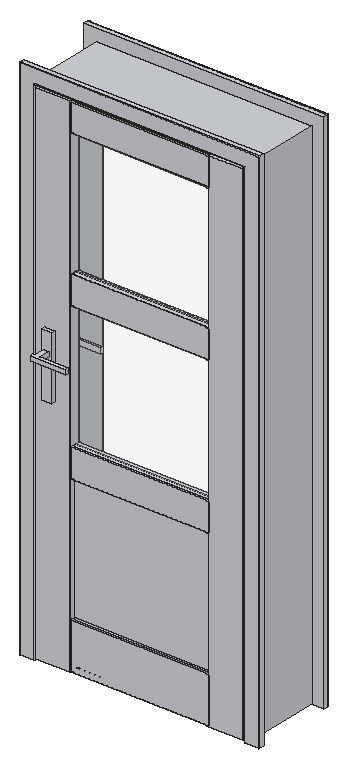
Revit family "b_portagrande_b2_pn60-100", category Drzwi, Revit 2016
Family settings
  Obiekt nadrzędny = Ściana
  Zawsze pionowo = Tak
  Tnij formami wycięć po wczytaniu = Nie
  Współdzielony = Nie
  Punkt obliczania pomieszczeń = Nie
Parameters (values of type "PN 80")
  Zakres szerokości muru [instance] = if(and(Szerokość ściany > 94 mm, Szerokość ściany < 120 mm), "B", (if(and(Szerokość ściany > 119 mm, Szerokość ściany < 140 mm), "C", (if(and(Szerokość ściany > 139 mm, Szerokość ściany < 160 mm), "D", (if(and(Szerokość ściany > 159 mm, Szerokość ściany < 180 mm), "E", (if(and(Szerokość ściany > 179 mm, Szerokość ściany < 200 mm), "F", (if(and(Szerokość ściany > 199 mm, Szerokość ściany < 220 mm), "G", (if(and(Szerokość ściany > 219 mm, Szerokość ściany < 240 mm), "H", (if(and(Szerokość ściany > 239 mm, Szerokość ściany < 260 mm), "I", (if(and(Szerokość ściany > 259 mm, Szerokość ściany < 280 mm), "J", (if(and(Szerokość ściany > 279 mm, Szerokość ściany < 301 mm), "K", "BRAK")))))))))))))))))))  # "K"
  Wysokość brutto = 2060 mm
  Szerokość ściany [instance] = 300 mm
  Szerokość brutto = 880 mm
  Model = "Porta GRANDE B.2"
  Materiał_szyba [instance] = Szkło
  Konstrukcja analityczna = "<Brak>"
  Funkcja = Wewnętrzna
  URL = "www.porta.com.pl"
  Ss = 818 mm
  Sb = 846 mm
  Producent = "PORTA KMI POLAND"  # constant formula
  Keynote = ""
  Opis = "Własność Porta KMI Poland, wszelkie prawa zastrzeżone."  # constant formula
  Wysokość = 2016 mm
  Zakończenie ściany = Wg obiektu nadrzędnego
  Szerokość = 800 mm
  Materiał_skrzydło [instance] = none
  Materiał_ościeżnica [instance] = none
  Materiał_klamka [instance] = none
  Hs = 2017 mm
Types (5, lengths in mm): name | Szerokość brutto | Materiał_szyba | Ss | Sb | Szerokość
  PN 70 | 780 | none | 718 | 746 | 700
  PN 60 | 680 | none | 618 | 646 | 600
  PN 80 | 880 | Szkło | 818 | 846 | 800
  PN 90 | 980 | none | 918 | 946 | 900
  PN 100 | 1080 | none | 1018 | 1046 | 1000
Reference planes
  plane 1: y = 0
  plane 2 "Środek (Lewa/Prawa)": x = 0
  plane 3 "Lewy": x = -440
  plane 4 "Prawy": x = 440
  plane 5: z = 2060
  plane 6 "Zewnętrzna": y = 150
  plane 7 "Wewnętrzna": y = -150
  plane 8 "skrzydło": y = -129
Forms (mm)
  Sweep 1, solid, material <- "Materiał_ościeżnica"
    path in 3D
      loop
        line (-440, -150, 0) -> (-440, -150, 2060) -> (440, -150, 2060) -> (440, -150, 0)
    profile origin (-440, -150, 1030) x (0, -1, 0) y (1, 0, 0)
      loop
        line (-24, 39) -> (-72, 39) -> (-72, 17) -> (0, 17) -> (0, -33) -> (16, -33)
        arc (16, -33) -> (18.121, -32.121) -> (19, -30) r 3
        line (19, -30) -> (19, 24)
        arc (19, 24) -> (18.121, 26.121) -> (16, 27) r 3
        line (16, 27) -> (-24, 27) -> (-24, 39)
  Sweep 2, solid, material <- "Materiał_ościeżnica"
    path in 3D
      loop
        line (440, 150, 0) -> (440, 150, 2060) -> (-440, 150, 2060) -> (-440, 150, 0)
    profile origin (-440, 150, 1030) x (1, 0, 0) y (0, 1, 0)
      loop
        line (-33, 0) -> (17, 0) -> (17, -228) -> (39, -228) -> (39, -1)
        arc (39, -1) -> (37.536, 2.536) -> (34, 4) r 5
        line (34, 4) -> (25, 4) -> (25, 16)
        arc (25, 16) -> (24.121, 18.121) -> (22, 19) r 3
        line (22, 19) -> (-30, 19)
        arc (-30, 19) -> (-32.121, 18.121) -> (-33, 16) r 3
        line (-33, 16) -> (-33, 0)
  Sweep 3, solid, not visible
    path in 3D
      loop
        line (-440, -150, 0) -> (-440, -150, 2060)
    profile origin (-440, -150, 1030) x (0, -1, 0) y (1, 0, 0)
      loop
        line (-151, 17) -> (-149, 17) -> (-149, 19) -> (-151, 19) -> (-151, 17)
Cuts and joins
  joined: Sweep 1, Sweep 2
Lines and regions (mm)
  Opening 1
    outline origin (-3050, -150, 0) x (1, 0, 0) y (0, 0, 1)
      loop
        line (2610, 0) -> (3490, 0) -> (3490, 2060) -> (2610, 2060) -> (2610, 0)
  sketch lines
    curve 1: line (-440, -150, 0) -> (-440, -150, 2060)
    curve 2: line (-440, -150, 2060) -> (440, -150, 2060)
    curve 3: line (440, -150, 2060) -> (440, -150, 0)
    curve 4: line (-440, 150, 2060) -> (-440, 150, 0)
    curve 5: line (440, 150, 2060) -> (-440, 150, 2060)
    curve 6: line (440, 150, 0) -> (440, 150, 2060)
    curve 12: line (-440, -150, 0) -> (-440, -150, 2060)
  symbolic lines, style "DoorsPanelProjection"
    curve 7: line (409, -150, 0) -> (409, -968, 0)
    curve 8: line (409, -968, 0) -> (369, -968, 0)
    curve 9: line (369, -968, 0) -> (369, -150, 0)
    curve 10: line (369, -150, 0) -> (409, -150, 0)
  symbolic lines, style "Ugięcie rzutu"
    curve 11: arc (-409, -150, 0) -> (-169.413, -728.413, 0) -> (409, -968, 0) r 818
Text (mm)
  text "Zewnętrzna" at (-2295.016, 1099.543, 0), in view "Poziom odniesienia"
  text "Zewnętrzna" at (0, 1615.38, 3698.081), in view "Lewy"
  text "Zewnętrzna" at (0, 1036.032, 3874.932), in view "Prawy"
Dimensions and locks
  equal spacing: plane 3 "Lewy", plane 2 "Środek (Lewa/Prawa)", plane 4 "Prawy"
  "Szerokość brutto": plane 3 "Lewy" to plane 4 "Prawy"
  "Wysokość brutto": plane 5 to host wall
  host wall to plane 5 = 2060 mm  (x2)
  locked: plane 6 "Zewnętrzna" to host wall at 0
  locked: plane 7 "Wewnętrzna" to host wall
  "Sb": Sweep 1 to Sweep 1
  locked: Sweep 1 sketch curve to Sweep 1 sketch curve at 22
  Sweep 1 sketch curve to Sweep 1 sketch curve = 50 mm
  locked: Sweep 1 sketch curve to profile plane at 72
  locked: Sweep 2 sketch curve to Sweep 2 sketch curve at 50
  locked: Sweep 2 sketch curve to Sweep 2 sketch curve at 22
  locked: Sweep 2 sketch curve to plane 6 "Zewnętrzna" at 1
  locked: curve 9 to curve 7 at 40
  "Ss": curve 8 to curve 10
  equal spacing: curve 11, plane 2 "Środek (Lewa/Prawa)", curve 7
  locked: plane 7 "Wewnętrzna" to plane 8 "skrzydło" at 21
  locked: host wall to Sweep 3 sketch curve at 1
  locked: Sweep 3 sketch curve to host wall at 1
  locked: Sweep 3 sketch curve to plane 6 "Zewnętrzna" at 151
  locked: plane 7 "Wewnętrzna" to Sweep 3 sketch curve at 151
  equal spacing: nested 1, plane 2 "Środek (Lewa/Prawa)", nested 1
  locked: nested 1 to level at 8
  "Szerokość ściany": host wall to host wall
  aligned and locked: plane 3 "Lewy" to Opening 1 sketch curve
  aligned and locked: plane 5 to Opening 1 sketch curve  (x2)
  aligned and locked: Opening 1 sketch curve to plane 4 "Prawy"
  aligned and locked: Opening 1 sketch curve to level
  aligned and locked: plane 1 to host wall
  aligned and locked: Sweep 1 to Sweep 2 sketch curve
  aligned and locked: plane 7 "Wewnętrzna" to curve 10
  aligned and locked: Sweep 3 sketch curve to cut or joined group of Sweep 1, Sweep 2
  aligned and locked: Sweep 2 sketch curve to cut or joined group of Sweep 1, Sweep 2
  aligned and locked: nested 1 to plane 8 "skrzydło"
Automatic sketch dimensions
  profile plane to Sweep 1 sketch curve = 24 mm
  Sweep 1 sketch curve to profile plane = 16 mm  (x2)
  Sweep 1 sketch curve to Sweep 1 sketch curve = 3 mm
  profile plane to Sweep 1 sketch curve = 17 mm
  Sweep 1 sketch curve to Sweep 1 sketch curve = 7 mm
  Sweep 1 sketch curve to profile plane = 0 mm
  Sweep 2 sketch curve to profile plane = 0 mm
  Sweep 2 sketch curve to profile plane = 16 mm
  Sweep 2 sketch curve to Sweep 2 sketch curve = 3 mm
  Sweep 2 sketch curve to Sweep 2 sketch curve = 5 mm
  Sweep 2 sketch curve to profile plane = 4 mm
  Sweep 2 sketch curve to Sweep 2 sketch curve = 8 mm
  curve 11 to host wall = 0 mm
  Sweep 3 sketch curve to Sweep 3 sketch curve = 2 mm
Nested families
  nested 1: "skrzydło" at (0, -135.5, 0), Materiał_klamka <- "Materiał_klamka", Materiał_skrzydło <- "Materiał_skrzydło", Materiał_szyba <- "Materiał_szyba", type "skrzydło"
    with Materiał_szyba Szkło, Materiał_skrzydło none, Materiał_klamka none
Definition of nested family "skrzydło"
  Parameters
    Ss = 818 mm
    Materiał_szyba [instance] = none
    Materiał_skrzydło [instance] = none
    Materiał_klamka [instance] = none
    Hs = 2017 mm
  Reference planes
    plane 1 "Tył": y = 6.5
    plane 2: z = 0
    plane 3 "Środek (Lewa/Prawa)": x = 0
    plane 4 "Lewa": x = -409
    plane 5 "Prawa": x = 409
    plane 6 "Przód": y = -33.5
    plane 7: z = 2025
    plane 8 "Centrum": y = -13.5
    plane 9: z = 8
    plane 10: x = -272
    plane 11: x = 272
  Forms (mm)
    Extrusion 1, solid, material <- "Materiał_skrzydło"
      sketch origin (-1191.728, -1524, 8) x (-1, 0, 0) y (0, -1, 0)
        loop
          line (-1465.378, -1490.5) -> (-1599.078, -1490.5)
          arc (-1599.078, -1490.5) -> (-1600.244, -1490.983) -> (-1600.728, -1492.15) r 1.65
          line (-1600.728, -1492.15) -> (-1600.728, -1528.8)
          arc (-1600.728, -1528.8) -> (-1600.23, -1530.002) -> (-1599.028, -1530.5) r 1.7
          line (-1599.028, -1530.5) -> (-1465.378, -1530.5)
          arc (-1465.378, -1530.5) -> (-1464.211, -1530.017) -> (-1463.728, -1528.85) r 1.65
          line (-1463.728, -1528.85) -> (-1463.728, -1492.15)
          arc (-1463.728, -1492.15) -> (-1464.211, -1490.983) -> (-1465.378, -1490.5) r 1.65
      from 0 to 2017
    Extrusion 2, solid, material <- "Materiał_skrzydło"
      sketch origin (0, 0, 0) x (0, 1, 0) y (0, 0, 1)
        loop
          line (4, 1911.65) -> (4, 2023.3)
          arc (4, 2023.3) -> (3.502, 2024.502) -> (2.3, 2025) r 1.7
          line (2.3, 2025) -> (-29.35, 2025)
          arc (-29.35, 2025) -> (-30.517, 2024.517) -> (-31, 2023.35) r 1.65
          line (-31, 2023.35) -> (-31, 1911.65)
          arc (-31, 1911.65) -> (-30.517, 1910.483) -> (-29.35, 1910) r 1.65
          line (-29.35, 1910) -> (2.35, 1910)
          arc (2.35, 1910) -> (3.517, 1910.483) -> (4, 1911.65) r 1.65
        loop
          line (2.35, 195) -> (-29.35, 195)
          arc (-29.35, 195) -> (-30.517, 194.517) -> (-31, 193.35) r 1.65
          line (-31, 193.35) -> (-31, 9.65)
          arc (-31, 9.65) -> (-30.517, 8.483) -> (-29.35, 8) r 1.65
          line (-29.35, 8) -> (-25, 8)
          arc (-25, 8) -> (-23.833, 8.483) -> (-23.35, 9.65) r 1.65
          arc (-23.35, 9.65) -> (-22.955, 10.605) -> (-22, 11) r 1.35
          line (-22, 11) -> (-5, 11)
          arc (-5, 11) -> (-4.045, 10.605) -> (-3.65, 9.65) r 1.35
          arc (-3.65, 9.65) -> (-3.167, 8.483) -> (-2, 8) r 1.65
          line (-2, 8) -> (2.35, 8)
          arc (2.35, 8) -> (3.517, 8.483) -> (4, 9.65) r 1.65
          line (4, 9.65) -> (4, 193.35)
          arc (4, 193.35) -> (3.517, 194.517) -> (2.35, 195) r 1.65
        loop
          line (2.35, 805) -> (-29.35, 805)
          arc (-29.35, 805) -> (-30.517, 804.517) -> (-31, 803.35) r 1.65
          line (-31, 803.35) -> (-31, 691.65)
          arc (-31, 691.65) -> (-30.517, 690.483) -> (-29.35, 690) r 1.65
          line (-29.35, 690) -> (2.35, 690)
          arc (2.35, 690) -> (3.517, 690.483) -> (4, 691.65) r 1.65
          line (4, 691.65) -> (4, 803.35)
          arc (4, 803.35) -> (3.517, 804.517) -> (2.35, 805) r 1.65
        loop
          line (2.35, 1415) -> (-29.35, 1415)
          arc (-29.35, 1415) -> (-30.517, 1414.517) -> (-31, 1413.35) r 1.65
          line (-31, 1413.35) -> (-31, 1301.65)
          arc (-31, 1301.65) -> (-30.517, 1300.483) -> (-29.35, 1300) r 1.65
          line (-29.35, 1300) -> (2.35, 1300)
          arc (2.35, 1300) -> (3.517, 1300.483) -> (4, 1301.65) r 1.65
          line (4, 1301.65) -> (4, 1413.35)
          arc (4, 1413.35) -> (3.517, 1414.517) -> (2.35, 1415) r 1.65
      from -272 to 272
    Extrusion 3, solid, material <- "Materiał_szyba"
      sketch origin (-892.016, -13.5, 1213) x (-1, 0, 0) y (0, 0, 1)
        loop
          line (-620.016, 697) -> (-1164.016, 697) -> (-1164.016, 202) -> (-620.016, 202) -> (-620.016, 697)
      from -2 to 2
    Extrusion 4, solid, material <- "Materiał_szyba"
      sketch origin (-892.016, -13.5, 1213) x (-1, 0, 0) y (0, 0, 1)
        loop
          line (-620.016, -408) -> (-620.016, 87) -> (-1164.016, 87) -> (-1164.016, -408) -> (-620.016, -408)
      from -2 to 2
    Extrusion 5, solid, material <- "Materiał_skrzydło"
      sketch origin (-892.016, -13.5, 1200) x (-1, 0, 0) y (0, 0, 1)
        loop
          line (-620.016, -510) -> (-1164.016, -510) -> (-1164.016, -1005) -> (-620.016, -1005) -> (-620.016, -510)
      from -4 to 4
    Extrusion 6, solid, material <- "Materiał_skrzydło"
      sketch origin (-1191.728, -1524, 8) x (-1, 0, 0) y (0, -1, 0)
        loop
          arc (-918.078, -1490.5) -> (-919.244, -1490.983) -> (-919.728, -1492.15) r 1.65
          line (-919.728, -1492.15) -> (-919.728, -1528.85)
          arc (-919.728, -1528.85) -> (-919.244, -1530.017) -> (-918.078, -1530.5) r 1.65
          line (-918.078, -1530.5) -> (-784.428, -1530.5)
          arc (-784.428, -1530.5) -> (-783.225, -1530.002) -> (-782.728, -1528.8) r 1.7
          line (-782.728, -1528.8) -> (-782.728, -1492.15)
          arc (-782.728, -1492.15) -> (-783.211, -1490.983) -> (-784.378, -1490.5) r 1.65
          line (-784.378, -1490.5) -> (-918.078, -1490.5)
      from 0 to 2017
  Dimensions and locks
    equal spacing: plane 4 "Lewa", plane 3 "Środek (Lewa/Prawa)", plane 5 "Prawa"
    "Ss": plane 4 "Lewa" to plane 5 "Prawa"
    locked: plane 9 to level at 8
    "Hs": plane 7 to plane 9
    locked: nested 1 to plane 9 at 934
    locked: plane 9 to nested 2 at 934
    equal spacing: plane 6 "Przód", plane 8 "Centrum", plane 1 "Tył"
    locked: plane 10 to plane 4 "Lewa" at 137
    locked: plane 5 "Prawa" to plane 11 at 137
    aligned and locked: nested 1 to plane 6 "Przód"
    aligned and locked: plane 5 "Prawa" to Extrusion 1 sketch curve
    aligned and locked: Extrusion 1 sketch curve to plane 1 "Tył"
    aligned and locked: Extrusion 1 sketch curve to plane 6 "Przód"
    aligned and locked: Extrusion 1 sketch curve to plane 11
    aligned and locked: plane 7 to Extrusion 1
    aligned and locked: Extrusion 2 to plane 10
    aligned and locked: plane 11 to Extrusion 2
    aligned and locked: plane 10 to Extrusion 3 sketch curve
    aligned and locked: plane 11 to Extrusion 3 sketch curve
    aligned and locked: Extrusion 2 to Extrusion 4 sketch curve  (x2)
    aligned and locked: plane 10 to Extrusion 5 sketch curve
    aligned and locked: plane 11 to Extrusion 5 sketch curve
    aligned and locked: plane 4 "Lewa" to Extrusion 6 sketch curve
    aligned and locked: Extrusion 6 sketch curve to plane 10
    aligned and locked: plane 7 to Extrusion 6
    aligned and locked: nested 2 to nested 1
  Automatic sketch dimensions
    Extrusion 4 sketch curve to plane 7 = 725 mm
    Extrusion 4 sketch curve to Extrusion 4 sketch curve = 495 mm
    Extrusion 6 sketch curve to plane 6 "Przód" = 0 mm
    plane 1 "Tył" to Extrusion 6 sketch curve = 0 mm
    Extrusion 6 sketch curve to plane 10 = 1.65 mm
    plane 1 "Tył" to Extrusion 6 sketch curve = 1.65 mm
    plane 4 "Lewa" to Extrusion 6 sketch curve = 1.7 mm
    plane 4 "Lewa" to Extrusion 6 sketch curve = 1.65 mm
    Extrusion 1 sketch curve to Extrusion 1 sketch curve = 1.65 mm
    Extrusion 1 sketch curve to plane 5 "Prawa" = 1.7 mm
    plane 11 to Extrusion 1 sketch curve = 1.65 mm  (x2)
    Extrusion 2 sketch curve to plane 7 = 0 mm
    Extrusion 2 sketch curve to plane 9 = 0 mm  (x2)
    plane 6 "Przód" to Extrusion 2 sketch curve = 2.5 mm  (x4)
    Extrusion 2 sketch curve to plane 7 = 1.65 mm
    Extrusion 2 sketch curve to Extrusion 2 sketch curve = 1.65 mm  (x11)
    plane 9 to Extrusion 2 sketch curve = 1.65 mm  (x2)
    Extrusion 2 sketch curve to Extrusion 2 sketch curve = 4.35 mm
    Extrusion 2 sketch curve to Extrusion 2 sketch curve = 0 mm  (x2)
    Extrusion 2 sketch curve to Extrusion 2 sketch curve = 1.35 mm
    plane 8 "Centrum" to Extrusion 2 sketch curve = 8.5 mm
    Extrusion 2 sketch curve to plane 7 = 1.7 mm
    plane 1 "Tył" to Extrusion 2 sketch curve = 4.2 mm
    plane 1 "Tył" to Extrusion 2 sketch curve = 4.15 mm  (x6)
    Extrusion 2 sketch curve to Extrusion 2 sketch curve = 182.35 mm
    Extrusion 2 sketch curve to Extrusion 2 sketch curve = 495 mm  (x2)
    Extrusion 2 sketch curve to Extrusion 2 sketch curve = 111.7 mm  (x2)
    Extrusion 2 sketch curve to Extrusion 2 sketch curve = 113.3 mm
    Extrusion 3 sketch curve to plane 7 = 610 mm
    Extrusion 3 sketch curve to plane 7 = 115 mm
    plane 9 to Extrusion 5 sketch curve = 187 mm
    Extrusion 5 sketch curve to Extrusion 5 sketch curve = 495 mm
  Nested families
    nested 1: "KLAMKA" at (-354, -33.5, 1067), Materiał klamki <- "Materiał_klamka", type "KLAMKA"
      with Materiał klamki none
    nested 2: "KLAMKA" at (-354, 6.5, 1067), Materiał klamki <- "Materiał_klamka", type "KLAMKA"
      with Materiał klamki none
  Definition of nested family "KLAMKA"
    Parameters
      Materiał klamki [instance] = none
      Assembly Code = ""
      Default Elevation = 1219.2 mm
    Reference planes
      plane 1 "Center (Front/Back)": y = 0
      plane 2: z = 0
      plane 3 "Center (Left/Right)": x = 0
      plane 4: z = 125
      plane 5: z = -125
      plane 6: x = 20
      plane 7: x = -20
      plane 8: y = -70
      plane 9: y = -60
      plane 10: x = 10
      plane 11: x = -10
      plane 12: x = 120
      plane 13: z = 35
      plane 14: z = 55
      plane 15: y = -15
    Forms (mm)
      Extrusion 1, solid, material <- "Materiał klamki"
        sketch origin (0, 0, 0) x (1, 0, 0) y (0, 0, 1)
          loop
            line (-20, 125) -> (-20, -125) -> (20, -125) -> (20, 125) -> (-20, 125)
        from 0 to 15
      Extrusion 2, solid, material <- "Materiał klamki"
        sketch origin (0, 0, 0) x (1, 0, 0) y (0, 1, 0)
          loop
            line (-10, -15) -> (-10, -60) -> (-20, -60) -> (-20, -70) -> (120, -70) -> (120, -60) -> (10, -60) -> (10, -15) -> (-10, -15)
        from 35 to 55
    Dimensions and locks
      equal spacing: plane 4, plane 2, plane 5
      plane 4 to plane 5 = 250 mm
      equal spacing: plane 7, plane 3 "Center (Left/Right)", plane 6
      plane 7 to plane 6 = 40 mm
      plane 8 to plane 1 "Center (Front/Back)" = 70 mm
      plane 11 to plane 3 "Center (Left/Right)" to plane 10 = 10 mm locked, 10 mm locked
      plane 7 to plane 12 = 140 mm
      plane 15 to plane 1 "Center (Front/Back)" = 15 mm
      aligned and locked: plane 7 to Extrusion 1 sketch curve
      aligned and locked: Extrusion 1 sketch curve to plane 4
      aligned and locked: plane 5 to Extrusion 1 sketch curve
      aligned and locked: Extrusion 1 sketch curve to plane 6
      aligned and locked: plane 15 to Extrusion 1
      aligned and locked: Extrusion 1 to plane 1 "Center (Front/Back)"
      aligned and locked: plane 14 to Extrusion 2
      aligned and locked: Extrusion 2 to plane 13
    Automatic sketch dimensions
      Extrusion 2 sketch curve to plane 7 = 0 mm
      Extrusion 2 sketch curve to plane 9 = 0 mm  (x2)
      Extrusion 2 sketch curve to plane 11 = 0 mm
      Extrusion 2 sketch curve to plane 10 = 0 mm
      Extrusion 2 sketch curve to plane 12 = 0 mm
      Extrusion 2 sketch curve to plane 8 = 0 mm
      Extrusion 2 sketch curve to plane 15 = 0 mm
